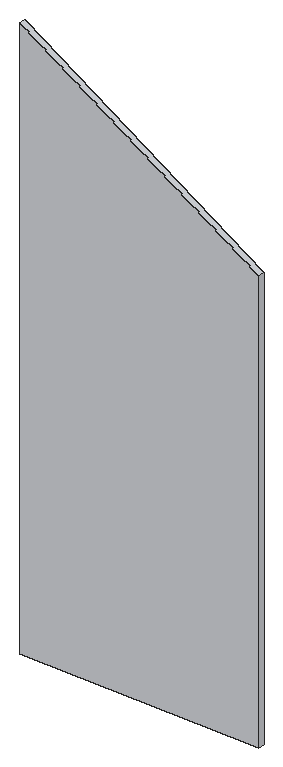
Revit family "EXP_WT-1A_CPan-016", category Curtain Panels, Revit 2021
Family settings
  OmniClass Number = 23.25.20.14.11.11.17
  OmniClass Title = Infill Panels
  Always vertical = Yes
  Cut with Voids When Loaded = No
  Shared = No
Parameters
  UI-UnitNumber [instance] = "001"
  UI-Quadrant [instance] = "SE"
  UI-ProjectAbbreviation = "NEU"
  UI-ItemCategory = "PID"
  UI-FloorNumber [instance] = "03"
  PNT-WallType = "WT1A"
  PNT-ProjectAbbreviation = "NEU"
  PNT-PanelType [instance] = "01"
  PNT-ItemCategory = "PNL"
  HSX [instance] = HModSX - CellH  # 12' - 0"
  HModSX [instance] = 13' - 6"
  HModDX [instance] = 18' - 1"
  HDX [instance] = HModDX - CellH  # 16' - 7"
  GlassSPH [instance] = 0' - 2 3/16"
  GlassH1 [instance] = none
  Define Thermal Properties by = Schematic Type
  CellSxH1 [instance] = HSX + CellH  # 13' - 6"
  CellSp = 0' - 10 3/16"
  CellL [instance] = 7' - 8"
  CellH2 [instance] = 9' - 8"
  CellH [instance] = 1' - 6"
  CellDxH1 [instance] = HDX + CellH  # 18' - 1"
  CellAngle [instance] = 45.00°
  AncleTrapezoid [instance] = 120.872°
  Analytic Construction = "<None>"
Reference planes (in)
  plane 1 "Center (Front/Back)": y = 0
  plane 2: z = 0
  plane 3 "Center (Left/Right)": x = 0
  plane 4 "Left": x = -46
  plane 5 "Right": x = 46
  plane 6 "Top": z = 18
  plane 7: y = -10.1875
  plane 8: z = 162
  plane 9: z = 217
Forms (in)
  Extrusion 1, solid, material <- "GlassH1", detail levels coarse+medium
    sketch origin (0, 0, 0) x (1, 0, 0) y (0, 0, 1)
      loop
        line (46, 162) -> (-46, 217) -> (-46, 0) -> (46, 0) -> (46, 162)
    from 0 to 10.1875
Lines and regions (in)
  reference lines
    curve 1: line (46, 0, 162) -> (-46, 0, 217)
Text (in)
  text "Exterior" at (-92.59733, 55.75508, 0), in view "Ref. Level"
  text "Exterior" at (0, 90.18664, 173.49264), in view "Left"
  text "Exterior" at (0, 52.29083, 162.21847), in view "Right"
Dimensions and locks (in)
  equal spacing: plane 4 "Left", plane 3 "Center (Left/Right)", plane 5 "Right"  (x2)
  "CellL": plane 4 "Left" to plane 5 "Right"
  "CellSp": plane 7 to plane 1 "Center (Front/Back)"
  "CellH": plane 2 to plane 6 "Top"
  "HSX": plane 6 "Top" to plane 8
  "HDX": plane 6 "Top" to plane 9
  aligned and locked: level to plane 2
  aligned and locked: plane 5 "Right" to Extrusion 1 sketch curve
  aligned and locked: Extrusion 1 sketch curve to plane 4 "Left"
  aligned and locked: Extrusion 1 to plane 7
  aligned and locked: plane 2 to Extrusion 1 sketch curve
  aligned and locked: plane 7 to nested 1
  aligned and locked: plane 2 to nested 1
  aligned and locked: nested 1 to plane 4 "Left"
  aligned and locked: nested 1 to plane 5 "Right"
Automatic sketch dimensions
  Extrusion 1 sketch curve to plane 8 = 0' - 0"
  Extrusion 1 sketch curve to plane 9 = 0' - 0"
  curve 1 to plane 4 "Left" = 0' - 0"
  curve 1 to plane 8 = 0' - 0"
  plane 5 "Right" to curve 1 = 0' - 0"
  curve 1 to plane 9 = 0' - 0"
Nested families (in)
  nested 1: "EXP_WT-1x_IG-002" at (0, -10.1875, 108.5) x (-1, 0, 0) z (0, 0, 1), CellSxH <- "HModSX", CellH <- "HModDX", MaterialGlass <- "GlassH1", GlassSP <- "GlassSPH", type "EXP_WT-1x_IG-002", detail levels fine
    with MaterialGlass none, GlassSP 0' - 2 3/16", GlassL 7' - 6 1/8", CellSxH 13' - 6", CellL 7' - 8", CellH 18' - 1", CellDxH 18' - 1", GlassHSX 13' - 3.44817", GlassHDX 17' - 9.32725", GlassAngleB 59.1279°, GlassAngleA 120.872°
Definition of nested family "EXP_WT-1x_IG-002"
  Parameters (values of type "EXP_WT-1x_IG-002")
    MaterialGlass [instance] = none
    GlassSP [instance] = 0' - 1 1/4"
    GlassL [instance] = CellL - (GlassD1 + GlassD3)  # 4' - 2.0935"
    GlassHSX [instance] = 5' - 6.85315"
    GlassHDX [instance] = 6' - 5.47904"
    GlassD4 = 0' - 1 7/16"
    GlassD3 = 0' - 0 15/16"
    GlassD2 = 0' - 1 7/16"
    GlassD1 = 0' - 0 15/16"
    GlassAngleB [instance] = 78.0239°
    GlassAngleA [instance] = 101.976°
    GMPI-ProjectAbbreviation = "NEU"
    GMPI-IteamCategory = "GLS"
    DistanceFacade = 0' - 4.72441"
    Default Elevation = 0' - 0"
    CellSxH [instance] = 5' - 9.56127"
    CellL [instance] = 4' - 3.9685"
    CellH [instance] = 6' - 8.58489"
    CellDxH [instance] = CellH  # 6' - 8.58489"
  Reference planes (in)
    plane 1 "Center (Front/Back)": y = 0
    plane 2: z = 0
    plane 3 "Center (Left/Right)": x = 0
    plane 4: x = -25.98425
    plane 5: x = 25.98425
    plane 6: z = 40.29245
    plane 7: x = -25.04675
    plane 8: x = 25.04675
    plane 9: z = -40.29245
    plane 10: z = -38.85495
    plane 11: z = 29.26882
  Forms (in)
    Extrusion 1, solid, material <- "MaterialGlass"
      sketch origin (0, 0, 0) x (1, 0, 0) y (0, 0, 1)
        loop
          line (-25.04675, 27.9982) -> (-25.04675, -38.85495) -> (25.04675, -38.85495) -> (25.04675, 38.6241) -> (-25.04675, 27.9982)
      from 0 to 1.25 <- "GlassSP"
  Lines and regions (in)
    reference lines
      curve 1: line (-25.98425, 0, 29.26882) -> (25.98425, 0, 40.29245)
      curve 2: line (-25.98425, 0, 27.79934) -> (25.98425, 0, 38.82296)
  Dimensions and locks (in)
    equal spacing: plane 6, level, plane 9
    "CellH": plane 6 to plane 9
    equal spacing: plane 4, plane 3 "Center (Left/Right)", plane 5
    "CellL": plane 4 to plane 5
    "GlassD1": plane 4 to plane 7
    "GlassD3": plane 5 to plane 8
    "GlassD2": curve 2 to curve 1
    "GlassD4": plane 10 to plane 9
    "CellSxH": plane 11 to plane 9
    "GlassHDX": Extrusion 1 to plane 10
    "GlassHSX": Extrusion 1 to plane 10
    "GlassAngleA": angle Extrusion 1 to Extrusion 1
    "GlassAngleB": angle Extrusion 1 to Extrusion 1
    aligned and locked: level to plane 2
    aligned and locked: plane 4 to curve 2
    aligned and locked: plane 5 to curve 2
    aligned and locked: Extrusion 1 sketch curve to plane 7
    aligned and locked: curve 2 to Extrusion 1 sketch curve
    aligned and locked: Extrusion 1 sketch curve to plane 8
    aligned and locked: Extrusion 1 sketch curve to plane 10
  Automatic sketch dimensions
    plane 4 to curve 1 = 0' - 0"
    plane 5 to curve 1 = 0' - 0"
    curve 1 to plane 11 = 0' - 0"
    curve 1 to plane 6 = 0' - 0"
